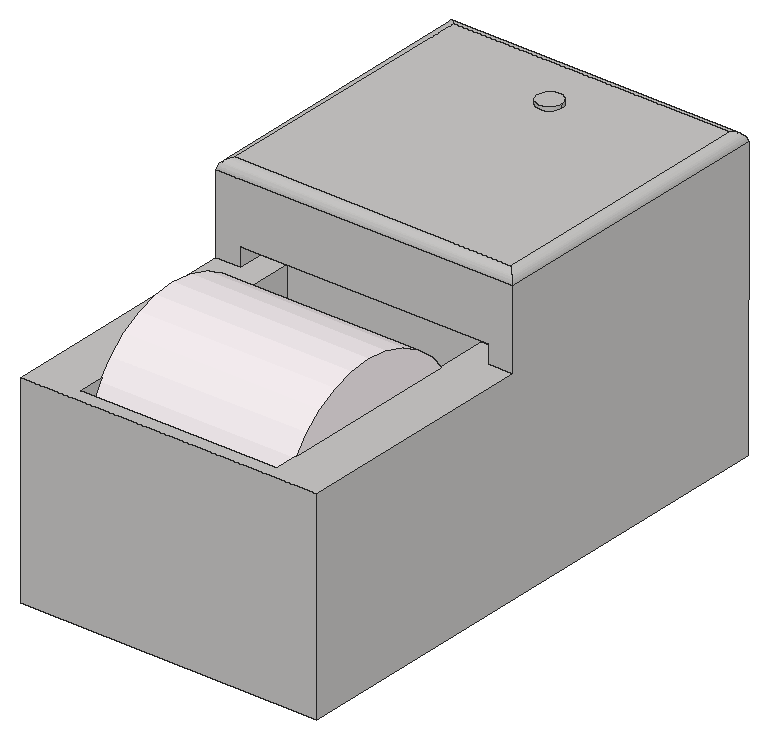
Revit family
Parameters (values of type "B-2888")
  offset [instance] = 0' - 0"
  Warranty Duration (Years) = 0
  Unit Width = 0' - 6 1/16"
  Unit Height = 0' - 11"
  Unit Depth = 0' - 5 15/16"
  URL = "http://www.bobrick.com/Pages/default.aspx"
  Specification = ""
  SpecWizard = ""
  Send Message = "http://www.arcat.com/users.pl?action=UserEmail&company=Bobrick+Washroom+Equipment,+Inc.&coid=30988&rep=156&fax=818-503-1930&mf="
  Sales Information = "http://www.bobrick.com/Pages/ContactUs.aspx"
  Revision = "R1_10-2012"
  Product Properties = ""
  Product Data = "http://arcat.com/arcatcos/cos30/arc30988.html?isac=1&r=1"
  Mounting Height [instance] = 2' - 4"
  Model = "B-2888"
  Manufacturer Website = "http://www.bobrick.com/Pages/default.aspx"
  Manufacturer Phone - Toll Free = ""
  Manufacturer Phone = "818-764-1000"
  Manufacturer Fax = "818-503-1930"
  Manufacturer Address = "11611 Hart St. North Hollywood, CA 91605-5882"
  Manufacturer = "Bobrick Washroom Equipment, Inc."
  Maintenance Schedule (Months) = 0
  Keynote = "102813"
  Installation-Fabrication = "http://www.bobrick.com/washroomaccessories/Pages/WashroomAccessories.aspx"
  Installation Phase = ""
  Green Building-LEED = ""
  Finish Material = Stainless Steel - Bobrick - Satin
  Expected Lifespan (Years) = 0
  Drawn By = "Sumex Design, Inc. / Robert S. Weygant, CSI, CDT, SCIP"
  Description = "Bobrick B-2888 Classic Series Surface Mounted Multi-roll Toilet Tissue Dispenser"
  Default Elevation = 4' - 0"
  Copyright = "©Arcat Inc."
  Construction Details = ""
  Capacity = "Two Toilet Tissue Rolls up to 5-1/4\""
  Assembly Code = "E1090900"
  Accessory Material = Tissue - Bobrick - White
Reference planes (in)
  plane 1 "Center (Front/Back)": y = -10.09514
  plane 2 "Bottom": z = 0
  plane 3 "Center (Left/Right)": x = 0
  plane 4 "Front": y = -15.59514
  plane 5 "Back": y = -4.59514
  plane 6 "Left": x = -3.03125
  plane 7 "Right": x = 3.03125
  plane 8 "Top": z = 5.9375
  plane 9: x = -2.53125
  plane 10: x = 2.53125
  plane 11 "FF": y = -32.59514
Forms (in)
  Extrusion 1, solid, material "Stainless Steel - Bobrick - Satin" <- "Finish Material"
    sketch origin (0, 0, 0) x (0, 1, 0) y (0, 0, 1)
      loop
        line (-15.59514, 0) -> (-4.59514, 0) -> (-4.59514, 5.9375) -> (-10.59514, 5.9375) -> (-10.59514, 4.125) -> (-15.59514, 4.125) -> (-15.59514, 0)
    from -3.03125 to 3.03125
  Sweep 2, void
    path origin (0, 0, 0) x (1, 0, 0) y (0, 1, 0)
      loop
        line (-3.03125, -4.59514) -> (-3.03125, -10.59514) -> (3.03125, -10.59514) -> (3.03125, -4.59514) -> (-3.03125, -4.59514)
    profile origin (0, -4.59514, 0) x (0, 1, 0) y (0, 0, 1)
      loop
        line (-0.25, 5.9375) -> (-0.21129, 5.9375)
        arc (-0.21129, 5.9375) -> (-0.06189, 5.87561) -> (0, 5.72621) r 0.21129
        line (0, 5.72621) -> (0, 5.6875) -> (0.03639, 5.6875) -> (0.03639, 5.97241) -> (-0.25, 5.97241) -> (-0.25, 5.9375)
  Extrusion 3, void
    sketch origin (0, 0, 0) x (0, 1, 0) y (0, 0, 1)
      loop
        line (-15.34514, 0.25) -> (-10.09514, 0.25) -> (-10.09514, 4.5) -> (-15.34514, 4.5) -> (-15.34514, 0.25)
    from -2.53125 to 2.53125
  Extrusion 4, solid, material "Tissue - Bobrick - White" <- "Accessory Material"
    sketch origin (0, -0.25, 0) x (0, 1, 0) y (0, 0, 1)
      loop
        circle (-12.73374, 2.83084) r 2.25
      loop
        circle (-12.73374, 2.83084) r 0.5
    from -2 to 2
  Extrusion 5, solid, material "Stainless Steel - Bobrick - Satin" <- "Finish Material"
    sketch origin (0, 0, 0) x (1, 0, 0) y (0, 1, 0)
      loop
        line (-2.53125, -15.34514) -> (-2, -15.34514) -> (-2, -10.09514) -> (-2.53125, -10.09514) -> (-2.53125, -15.34514)
      loop
        line (2.53125, -15.34514) -> (2.53125, -10.09514) -> (2, -10.09514) -> (2, -15.34514) -> (2.53125, -15.34514)
    from 0 to 4.125
  Extrusion 6, solid, material "Stainless Steel - Bobrick - Satin" <- "Finish Material"
    sketch origin (0, 0, 0) x (1, 0, 0) y (0, 1, 0)
      loop
        circle (0, -5.87924) r 0.25
    from 5.9375 to 6.00694
Cuts and joins
  Sweep 2, Extrusion 3 cuts Extrusion 1
  joined: Extrusion 1, Extrusion 5
Lines and regions (in)
  model lines
    curve 1: line (-3.03406, -4.59224, 5.24079) -> (3.03406, -4.59224, 5.24079)
    curve 2: line (-3.03406, -10.59514, 5.24079) -> (-3.03406, -4.59224, 5.24079)
    curve 3: line (3.03406, -10.09804, 5.24079) -> (-3.03406, -10.09804, 5.24079)
    curve 4: line (3.03406, -4.59224, 5.24079) -> (3.03406, -10.59514, 5.24079)
    curve 5: line (-3.03406, -4.59224, 3.625) -> (3.03125, -4.59224, 3.625)
    curve 6: line (-3.03406, -15.59514, 3.625) -> (-3.03406, -4.59224, 3.625)
    curve 7: line (3.03125, -15.59514, 3.625) -> (-3.03406, -15.59514, 3.625)
    curve 8: line (3.03125, -4.59224, 3.625) -> (3.03125, -15.59514, 3.625)
Dimensions and locks (in)
  equal spacing: plane 6 "Left", plane 3 "Center (Left/Right)", plane 7 "Right"
  "Unit Width": plane 6 "Left" to plane 7 "Right"
  equal spacing: plane 5 "Back", plane 1 "Center (Front/Back)", plane 4 "Front"
  "Unit Height": plane 5 "Back" to plane 4 "Front"
  "Unit Depth": plane 8 "Top" to level
  locked: plane 9 to plane 6 "Left" at 0.5
  locked: plane 10 to plane 7 "Right" at 0.5
  locked: plane 5 "Back" to Sweep 2 sketch curve at 6
  locked: Extrusion 1 sketch curve to plane 5 "Back" at 6
  "Mounting Height": plane 5 "Back" to plane 11 "FF"
  aligned and locked: Extrusion 1 to plane 6 "Left"
  aligned and locked: plane 7 "Right" to Extrusion 1
  aligned and locked: Sweep 2 sketch curve to Extrusion 1  (x3)
  aligned and locked: cut or joined group of Extrusion 1, Sweep 2, Extrusion 3, Extrusion 5 to plane 9
  aligned and locked: cut or joined group of Extrusion 1, Sweep 2, Extrusion 3, Extrusion 5 to plane 10
  aligned and locked: Extrusion 6 to plane 8 "Top"
Automatic sketch dimensions
  Extrusion 4 sketch curve to Extrusion 4 sketch curve = 0' - 0"  (x2)
  plane 4 "Front" to Extrusion 4 sketch curve = 0' - 2.6114"
  level to Extrusion 4 sketch curve = 0' - 2.83084"
  Sweep 2 sketch curve to profile plane = 0' - 0"
  Sweep 2 sketch curve to Sweep 2 sketch curve = 0' - 0.21129"
  Sweep 2 sketch curve to Sweep 2 sketch curve = 0' - 0.03871"  (x2)
  Sweep 2 sketch curve to profile plane = 0' - 0.03639"
  level to Sweep 2 sketch curve = 0' - 5 11/16"
  Sweep 2 sketch curve to Sweep 2 sketch curve = 0' - 0.03491"
  plane 4 "Front" to Extrusion 3 sketch curve = 0' - 0 1/4"
  level to Extrusion 3 sketch curve = 0' - 0 1/4"
  Extrusion 5 sketch curve to plane 1 "Center (Front/Back)" = 0' - 0"  (x2)
  Extrusion 5 sketch curve to plane 9 = 0' - 0"
  Extrusion 5 sketch curve to plane 10 = 0' - 0"
  plane 9 to Extrusion 5 sketch curve = 0' - 0 17/32"
  plane 10 to Extrusion 5 sketch curve = 0' - 0 17/32"
  plane 4 "Front" to Extrusion 5 sketch curve = 0' - 0 1/4"  (x2)
  Extrusion 6 sketch curve to plane 3 "Center (Left/Right)" = 0' - 0"
  Extrusion 6 sketch curve to plane 5 "Back" = 0' - 1.2841"
  curve 7 to plane 4 "Front" = 0' - 0"
  curve 7 to plane 7 "Right" = 0' - 0"
  curve 5 to plane 6 "Left" = 0' - 0.00281"
  plane 5 "Back" to curve 6 = 0' - 0.0029"
  Extrusion 3 sketch curve to Extrusion 3 sketch curve = 0' - 4 1/4"
  Extrusion 1 sketch curve to level = 0' - 0"
  Extrusion 1 sketch curve to plane 4 "Front" = 0' - 0"
  Extrusion 1 sketch curve to plane 8 "Top" = 0' - 0"
  Extrusion 1 sketch curve to plane 5 "Back" = 0' - 0"
  Extrusion 1 sketch curve to plane 8 "Top" = 0' - 1 13/16"
  curve 2 to plane 6 "Left" = 0' - 0.00281"
  plane 7 "Right" to curve 3 = 0' - 0.00281"
  plane 1 "Center (Front/Back)" to curve 2 = 0' - 0 1/2"
  plane 1 "Center (Front/Back)" to curve 4 = 0' - 0 1/2"
  plane 1 "Center (Front/Back)" to curve 3 = 0' - 0.0029"
  plane 5 "Back" to curve 2 = 0' - 0.0029"
  Extrusion 3 sketch curve to plane 1 "Center (Front/Back)" = 0' - 0"
  radius of Extrusion 4 sketch curve = 0' - 2 1/4"
  radius of Extrusion 4 sketch curve = 0' - 0 1/2"
  radius of Extrusion 6 sketch curve = 0' - 0 1/4"
